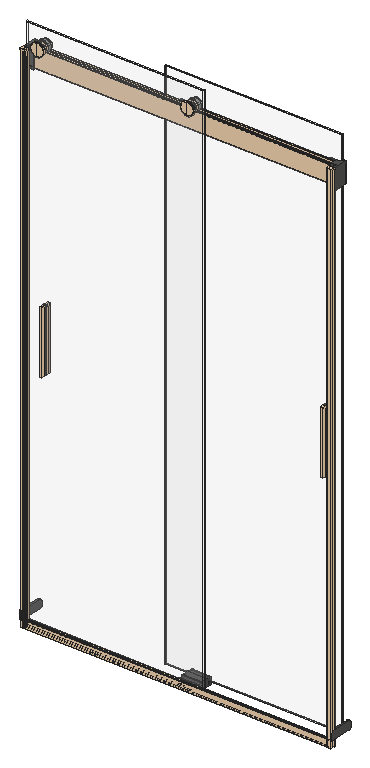
Revit family "Shower-Shower_Door-KOHLER-Levity-K-706375", category Specialty Equipment, host Face, Revit 2021
Family settings
  Host = Face
  Round Connector Dimension = Use Diameter
  Part Type = Normal
  OmniClass Number = 23.31.17.17
  OmniClass Title = Shower Enclosures
  Cut with Voids When Loaded = No
  Shared = No
  Room Calculation Point = No
Parameters (values of type "2MB-Vibrant Brushed Moderne Brass")
  Width [instance] = Walk Thru + 26.53543"  # 44.60575"
  WaterSense Certified = 1 = 0  # no
  Walk Thru [instance] = 18 9/128"
  URL = "https://www.us.kohler.com/us/"
  Type = 1
  Secondary Finish = Kohler-Glass-L-Crystal_Clear
  Product Page URL = "http://www.us.kohler.com/us/catalog/productDetails.jsp?productId=706375-L"
  Product Name = "Levity"  # constant formula
  Product Documentation Link = "https://www.us.kohler.com/webassets/kpna/catalog/pdf/en/K-706375-L_spec_US-CA_Kohler_en.pdf"
  Model = if(Type = 1, "K-706375-L-2MB", if(Type = 2, "K-706375-L-ABZ", if(Type = 3, "K-706375-L-BL", if(Type = 4, "K-706375-L-NX", if(Type = 5, "K-706375-L-SHP", "NA")))))  # "K-706375-L-2MB"
  Material = "Premium Metal Construction"  # constant formula
  Master Format 2014 Name = "Shower Doors"  # constant formula
  Master Format 2014 = "10 28 19.16"  # constant formula
  Manufacturer Address = "444 Highland Dr, Kohler, WI 53044"  # constant formula
  Manufacturer = "Kohler Co."  # constant formula
  Length = 3 119/256"  # constant formula
  Height = 77 143/256"  # constant formula
  Hardware Included = 1 = 1  # yes
  Finish = Kohler-Metal-2MB-Vibrant_Brushed_Moderne_Brass
  Environmental Product Declaration = ""
  Description = "Sliding shower door, 78inch H x 44-5/8 - 47-5/8inch W, with 5/16inch thick Crystal Clear glass"  # constant formula
  Default Elevation = 4"
  Declare Label = ""
  Date Modified = "09/07/2022"  # constant formula
  Date Created = "09/07/2022"  # constant formula
  Copyright = "Copyright Kohler Co."  # constant formula
  Contact Us = "https://www.us.kohler.com/us/static/contact.jsp"
  Assembly Code = "C1030200"
  ADA Compliant = 1 = 0  # no
Reference planes (in)
  plane 1 "Center (Front/Back)": y = 0
  plane 2: z = 0
  plane 3 "Center (Left/Right)": x = 0
  plane 4: x = 18.07031
  plane 5: x = -25.79637
  plane 6: x = 18.47922
  plane 7: x = 18.80937
  plane 8: x = 15.9318
  plane 9: x = 16.48645
  plane 10: x = -5.01355
  plane 11: x = -7.01355
  plane 12: y = 2.60043
  plane 13: y = -0.86442
  plane 14: x = -2
  plane 15: x = -25.50104
  plane 16: x = -23.5
  plane 17: z = 74.78077
  plane 18: z = 72.64599
  plane 19: z = 74.13386
  plane 20: z = 71.5748
  plane 21: x = -22.94536
  plane 22: z = 42.00787
  plane 23: z = 32.99213
  plane 24: z = 77.55859
Dimensions and locks (in)
  "Walk Thru": plane 4 to plane 3 "Center (Left/Right)"
  locked: plane 4 to plane 6 at 0.4089
  locked: plane 6 to plane 7 at 0.33016
  "Width": plane 7 to plane 5
  locked: plane 8 to plane 4 at 2.13851
  locked: plane 9 to plane 4 at 1.58387
  locked: plane 10 to plane 8 at 20.94536
  locked: plane 11 to plane 10 at 2
  "Length": plane 12 to plane 13
  locked: plane 5 to plane 15 at 0.29533
  "Height": plane 24 to level
  plane 23 to level = 32.99213"
  plane 22 to plane 23 = 9.01575"
  plane 20 to level = 71.5748"
  plane 19 to plane 20 = 2.55906"
  aligned and locked: plane 2 to host face
  aligned and locked: level to host face
  aligned and locked: plane 1 "Center (Front/Back)" to nested 1
  aligned and locked: plane 3 "Center (Left/Right)" to nested 1
  aligned and locked: plane 4 to nested 1
Automatic sketch dimensions
  host sketch curve to host sketch curve = 96"  (x2)
Nested families (in)
  nested 1: "K-706375" at (0, 0, 0), type "K-706375"
Definition of nested family "K-706375"
  Parameters (values of type "K-706375")
    Width = Walk Thru + 26.53543"  # 44.60575"
    Walk Thru = 18 9/128"
    Secondary Material = none
    Material = none
    Fixed Panel = 25.79637"
    Default Elevation = 0"
  Reference planes (in)
    plane 1 "Center (Front/Back)": y = 0
    plane 2: z = 0
    plane 3 "Center (Left/Right)": x = 0
    plane 4: x = 18.07031
    plane 5: x = 18.80937
    plane 6: x = -25.79637
    plane 7: z = 74.78077
    plane 8: z = 77.55906
    plane 9: z = 32.99213
    plane 10: z = 42.00787
    plane 11 "s1": x = -23.5
    plane 12: x = -25.50104
    plane 13: x = -22.94536
    plane 14 "s2": x = -2
    plane 15: z = 72.64599
    plane 16 "S3": x = -5.01355
    plane 17: x = -7.01355
    plane 18 "s4": x = 16.48645
    plane 19: x = 18.47922
    plane 20: x = 15.9318
    plane 21: z = 71.5748
    plane 22: z = 74.13386
    plane 23: y = 2.60043
    plane 24: y = -0.86414
    plane 25: y = 1.74077
  Forms (in)
    Extrusion 1, solid, material <- "Material", detail levels medium+fine
      sketch origin (0, 0.03056, 0) x (1, 0, 0) y (0, 1, 0)
        loop
          line (-25.79637, -0.77071) -> (-25.79637, -0.82591) -> (-25.59442, -0.82591) -> (-25.53201, -0.79547) -> (-25.46744, -0.82558) -> (-25.33155, -0.82558) -> (-25.27651, -0.79874)
          arc (-25.27651, -0.79874) -> (-25.2686, -0.78215) -> (-25.28299, -0.77071) r 0.01476
          line (-25.28299, -0.77071) -> (-25.46755, -0.77071) -> (-25.46755, -0.38286)
          arc (-25.46755, -0.38286) -> (-25.46099, -0.36703) -> (-25.44516, -0.36047) r 0.02239
          line (-25.44516, -0.36047) -> (-25.28285, -0.36047)
          arc (-25.28285, -0.36047) -> (-25.26811, -0.34863) -> (-25.27647, -0.33167) r 0.0151
          line (-25.27647, -0.33167) -> (-25.33269, -0.30546) -> (-25.46817, -0.30546) -> (-25.53152, -0.335) -> (-25.59487, -0.30546) -> (-25.79637, -0.30546) -> (-25.79637, -0.36047) -> (-25.61648, -0.36047)
          arc (-25.61648, -0.36047) -> (-25.60074, -0.36699) -> (-25.59422, -0.38273) r 0.02226
          line (-25.59422, -0.38273) -> (-25.59422, -0.7506)
          arc (-25.59422, -0.7506) -> (-25.60011, -0.76482) -> (-25.61433, -0.77071) r 0.02011
          line (-25.61433, -0.77071) -> (-25.79637, -0.77071)
        loop
          arc (-25.04421, -0.3604) -> (-25.07615, -0.28329) -> (-25.15326, -0.25135) r 0.10905
          line (-25.15326, -0.25135) -> (-25.72991, -0.25135) -> (-25.72991, -0.29812) -> (-25.14694, -0.29812)
          arc (-25.14694, -0.29812) -> (-25.1, -0.31756) -> (-25.08055, -0.3645) r 0.06638
          line (-25.08055, -0.3645) -> (-25.08055, -0.78161)
          arc (-25.08055, -0.78161) -> (-25.09659, -0.82033) -> (-25.1353, -0.83636) r 0.05475
          line (-25.1353, -0.83636) -> (-25.72991, -0.83636) -> (-25.72991, -0.8947) -> (-25.15327, -0.8947)
          arc (-25.15327, -0.8947) -> (-25.07615, -0.86276) -> (-25.04421, -0.78565) r 0.10906
          line (-25.04421, -0.78565) -> (-25.04421, -0.3604)
      from 0.07617 to 74.24275
    Extrusion 2, solid, material <- "Material", detail levels medium+fine
      sketch origin (0, 0, 0) x (1, 0, 0) y (0, 1, 0)
        loop
          line (-25.79637, -0.22079) -> (-25.79637, -0.86414) -> (-25.15327, -0.86414)
          arc (-25.15327, -0.86414) -> (-25.07615, -0.8322) -> (-25.04421, -0.75509) r 0.10906
          line (-25.04421, -0.75509) -> (-25.04421, -0.32984)
          arc (-25.04421, -0.32984) -> (-25.07615, -0.25273) -> (-25.15326, -0.22079) r 0.10905
          line (-25.15326, -0.22079) -> (-25.79637, -0.22079)
      from 74.24275 to 74.32845
    Revolve 3, solid, material <- "Material"
      sketch origin (-23.5, 0, 0) x (0, 0, -1) y (0, -1, 0)
        loop
          line (-74.78077, 0.65678) -> (-75.6749, 0.65678) -> (-75.71643, 0.61525) -> (-75.71643, 0.48926) -> (-75.67675, 0.44957) -> (-75.43988, 0.44957) -> (-75.43988, 0.15652) -> (-74.87385, 0.15652) -> (-74.87385, -0.156) -> (-75.49161, -0.156) -> (-75.49161, -0.35633) -> (-75.32823, -0.35633) -> (-75.32823, -0.48179) -> (-75.52507, -0.48179)
          arc (-75.52507, -0.48179) -> (-75.59472, -0.66967) -> (-75.52507, -0.85754) r 0.28822
          line (-75.52507, -0.85754) -> (-75.49052, -0.85754) -> (-75.49052, -1.14013) -> (-75.45741, -1.171)
          arc (-75.45741, -1.171) -> (-75.44399, -1.17947) -> (-75.42839, -1.18243) r 0.04256
          line (-75.42839, -1.18243) -> (-74.78077, -1.18243) -> (-74.78077, 0.65678)
        axis (-74.78077, -1.18243) -> (-74.78077, 0.65678)
      angle from 0 to 360
    Extrusion 4, solid
      sketch origin (0, 0, 0) x (1, 0, 0) y (0, 1, 0)
        loop
          line (-25.79637, 1.80573) -> (-25.79637, -0.22079) -> (-25.5278, -0.22079)
          arc (-25.5278, -0.22079) -> (-25.50888, -0.21295) -> (-25.50104, -0.19403) r 0.02676
          line (-25.50104, -0.19403) -> (-25.50104, 0.27823)
          arc (-25.50104, 0.27823) -> (-25.49381, 0.29589) -> (-25.47628, 0.30342) r 0.0252
          line (-25.47628, 0.30342) -> (-24.83064, 0.31469)
          arc (-24.83064, 0.31469) -> (-24.81311, 0.32222) -> (-24.80588, 0.33988) r 0.0252
          line (-24.80588, 0.33988) -> (-24.80588, 1.4154)
          arc (-24.80588, 1.4154) -> (-24.81311, 1.43308) -> (-24.83066, 1.44062) r 0.02522
          line (-24.83066, 1.44062) -> (-25.48035, 1.45196)
          arc (-25.48035, 1.45196) -> (-25.495, 1.45825) -> (-25.50104, 1.47301) r 0.02106
          line (-25.50104, 1.47301) -> (-25.50104, 1.80213)
          arc (-25.50104, 1.80213) -> (-25.50695, 1.81661) -> (-25.52131, 1.82281) r 0.02069
          line (-25.52131, 1.82281) -> (-25.77421, 1.82789)
          arc (-25.77421, 1.82789) -> (-25.78988, 1.8214) -> (-25.79637, 1.80573) r 0.02216
      from 74.32845 to 71.35066
    Extrusion 5, solid
      sketch origin (-23.5, 0, 0) x (0, 0, -1) y (0, -1, 0)
        loop
          line (-2.13356, 0.83114) -> (-2.13356, -2.35056)
          arc (-2.13356, -2.35056) -> (-2.06038, -2.52724) -> (-1.88369, -2.60043) r 0.24987
          line (-1.88369, -2.60043) -> (-1.30967, -2.60043)
          arc (-1.30967, -2.60043) -> (-1.13289, -2.5272) -> (-1.05967, -2.35043) r 0.25
          line (-1.05967, -2.35043) -> (-1.05967, 0.83114) -> (-2.13356, 0.83114)
      from 2.00104 to 2.29637
    Extrusion 6, solid, material <- "Material", detail levels medium+fine
      sketch origin (-23.5, 0, 0) x (0, 0, -1) y (0, -1, 0)
        loop
          line (0, 0.08606) -> (0, 0.52344)
          arc (0, 0.52344) -> (-0.01049, 0.54072) -> (-0.03065, 0.53939) r 0.01948
          arc (-0.03065, 0.53939) -> (-0.04709, 0.5355) -> (-0.06098, 0.5451) r 0.02077
          arc (-0.06098, 0.5451) -> (-0.07477, 0.565) -> (-0.09076, 0.58318) r 0.20858
          arc (-0.09076, 0.58318) -> (-0.07545, 0.59928) -> (-0.06217, 0.6171) r 0.18512
          arc (-0.06217, 0.6171) -> (-0.08148, 0.67061) -> (-0.09283, 0.72636) r 0.39209
          arc (-0.09283, 0.72636) -> (-0.07014, 0.73553) -> (-0.05008, 0.72149) r 0.02565
          arc (-0.05008, 0.72149) -> (-0.04156, 0.70836) -> (-0.03031, 0.69747) r 0.06947
          arc (-0.03031, 0.69747) -> (-0.01051, 0.69549) -> (0, 0.71238) r 0.01882
          line (0, 0.71238) -> (0, 0.77601) -> (-0.99567, 0.77601)
          arc (-0.99567, 0.77601) -> (-1.03166, 0.7611) -> (-1.04657, 0.72511) r 0.0509
          line (-1.04657, 0.72511) -> (-1.04657, 0.42612)
          arc (-1.04657, 0.42612) -> (-1.03528, 0.39442) -> (-1.00649, 0.37699) r 0.05015
          arc (-1.00649, 0.37699) -> (-0.99048, 0.38093) -> (-0.98341, 0.39582) r 0.01922
          line (-0.98341, 0.39582) -> (-0.98341, 0.54145)
          arc (-0.98341, 0.54145) -> (-0.9381, 0.58677) -> (-0.89278, 0.54145) r 0.04531
          line (-0.89278, 0.54145) -> (-0.89278, 0.40813)
          arc (-0.89278, 0.40813) -> (-0.88398, 0.3875) -> (-0.86299, 0.37959) r 0.02857
          line (-0.86299, 0.37959) -> (-0.30194, 0.40364)
          arc (-0.30194, 0.40364) -> (-0.27381, 0.42223) -> (-0.27702, 0.4558) r 0.03273
          arc (-0.27702, 0.4558) -> (-0.29705, 0.47169) -> (-0.32235, 0.47535) r 0.04907
          arc (-0.32235, 0.47535) -> (-0.38253, 0.52555) -> (-0.3288, 0.58261) r 0.05382
          line (-0.3288, 0.58261) -> (-0.22838, 0.58261)
          arc (-0.22838, 0.58261) -> (-0.12075, 0.53802) -> (-0.07617, 0.43039) r 0.15221
          line (-0.07617, 0.43039) -> (-0.07617, 0.10741)
          arc (-0.07617, 0.10741) -> (-0.06991, 0.09231) -> (-0.05481, 0.08606) r 0.02136
          line (-0.05481, 0.08606) -> (0, 0.08606)
        loop
          line (-0.99524, 0.72571) -> (-0.99524, 0.65316)
          arc (-0.99524, 0.65316) -> (-0.9867, 0.63632) -> (-0.96807, 0.63325) r 0.02088
          arc (-0.96807, 0.63325) -> (-0.88988, 0.62125) -> (-0.85186, 0.55187) r 0.08936
          line (-0.85186, 0.55187) -> (-0.84805, 0.46295)
          arc (-0.84805, 0.46295) -> (-0.837, 0.43922) -> (-0.81242, 0.43025) r 0.03419
          line (-0.81242, 0.43025) -> (-0.43167, 0.44657)
          arc (-0.43167, 0.44657) -> (-0.41627, 0.45629) -> (-0.41686, 0.47449) r 0.01832
          arc (-0.41686, 0.47449) -> (-0.41912, 0.5794) -> (-0.32862, 0.63252) r 0.10365
          line (-0.32862, 0.63252) -> (-0.14995, 0.63252)
          arc (-0.14995, 0.63252) -> (-0.13434, 0.64021) -> (-0.13094, 0.65726) r 0.01967
          arc (-0.13094, 0.65726) -> (-0.13678, 0.68123) -> (-0.1416, 0.70542) r 0.5764
          arc (-0.1416, 0.70542) -> (-0.15, 0.71996) -> (-0.16579, 0.72571) r 0.02457
          line (-0.16579, 0.72571) -> (-0.99524, 0.72571)
      from -41.97922 to 2.00104
    Extrusion 7, solid, material <- "Material", detail levels medium+fine
      sketch origin (-23.5, 0, 0) x (0, 0, -1) y (0, -1, 0)
        loop
          line (-73.81799, -1.19785) -> (-73.80144, -1.00859) -> (-74.13386, -1.00859) -> (-74.13386, -1.34403) -> (-73.64043, -1.34403) -> (-73.64043, -0.79733) -> (-73.73284, -0.79733) -> (-73.73284, -0.69922) -> (-71.73684, -0.69922)
          arc (-71.73684, -0.69922) -> (-71.69219, -0.71772) -> (-71.67369, -0.76237) r 0.06315
          line (-71.67369, -0.76237) -> (-71.67369, -1.03838) -> (-71.74719, -1.03838) -> (-71.82588, -0.86961) -> (-71.8754, -0.86961)
          arc (-71.8754, -0.86961) -> (-71.88929, -0.87732) -> (-71.89012, -0.89318) r 0.01638
          line (-71.89012, -0.89318) -> (-71.80406, -1.06964) -> (-71.9001, -1.27561) -> (-71.9737, -1.27561)
          arc (-71.9737, -1.27561) -> (-71.94576, -1.32245) -> (-71.89442, -1.34086) r 0.08078
          line (-71.89442, -1.34086) -> (-71.61737, -1.34086)
          arc (-71.61737, -1.34086) -> (-71.58727, -1.32839) -> (-71.5748, -1.2983) r 0.04256
          line (-71.5748, -1.2983) -> (-71.5748, -0.42535)
          arc (-71.5748, -0.42535) -> (-71.5819, -0.4082) -> (-71.59904, -0.4011) r 0.02424
          line (-71.59904, -0.4011) -> (-74.11423, -0.4011)
          arc (-74.11423, -0.4011) -> (-74.12811, -0.40685) -> (-74.13386, -0.42073) r 0.01963
          line (-74.13386, -0.42073) -> (-74.13386, -0.46738) -> (-74.05507, -0.46738)
          arc (-74.05507, -0.46738) -> (-74.03644, -0.47281) -> (-74.02365, -0.4874) r 0.03466
          line (-74.02365, -0.4874) -> (-73.9527, -0.63956)
          arc (-73.9527, -0.63956) -> (-73.946, -0.66977) -> (-73.9527, -0.69999) r 0.07149
          line (-73.9527, -0.69999) -> (-74.02142, -0.84737)
          arc (-74.02142, -0.84737) -> (-74.02034, -0.86391) -> (-74.00581, -0.87188) r 0.01723
          line (-74.00581, -0.87188) -> (-73.95961, -0.87188) -> (-73.89039, -0.72344) -> (-73.83122, -0.72344) -> (-73.83122, -0.83818)
          arc (-73.83122, -0.83818) -> (-73.80137, -0.90275) -> (-73.73284, -0.92184) r 0.08476
          line (-73.73284, -0.92184) -> (-73.73284, -1.25557)
          arc (-73.73284, -1.25557) -> (-73.73927, -1.27111) -> (-73.75481, -1.27754) r 0.02198
          line (-73.75481, -1.27754) -> (-74.08364, -1.27754) -> (-74.08364, -1.13682)
          arc (-74.08364, -1.13682) -> (-74.07642, -1.1194) -> (-74.059, -1.11219) r 0.02463
          line (-74.059, -1.11219) -> (-74.02117, -1.11219)
          arc (-74.02117, -1.11219) -> (-74.00503, -1.11929) -> (-73.99936, -1.13599) r 0.02189
          line (-73.99936, -1.13599) -> (-74.00326, -1.18052)
          arc (-74.00326, -1.18052) -> (-73.97112, -1.21267) -> (-73.93897, -1.18052) r 0.03214
          line (-73.93897, -1.18052) -> (-73.93897, -1.07762)
          arc (-73.93897, -1.07762) -> (-73.92135, -1.06305) -> (-73.91035, -1.0831) r 0.01484
          line (-73.91035, -1.0831) -> (-73.9203, -1.1969)
          arc (-73.9203, -1.1969) -> (-73.91468, -1.21347) -> (-73.89867, -1.22051) r 0.02172
          line (-73.89867, -1.22051) -> (-73.84273, -1.22051)
          arc (-73.84273, -1.22051) -> (-73.82596, -1.21399) -> (-73.81799, -1.19785) r 0.02483
        loop
          line (-73.87179, -0.62309) -> (-71.65435, -0.62309) -> (-71.65435, -0.48081) -> (-73.90387, -0.48081)
          arc (-73.90387, -0.48081) -> (-73.92228, -0.49091) -> (-73.92365, -0.51187) r 0.02183
          line (-73.92365, -0.51187) -> (-73.87179, -0.62309)
      from -41.97922 to 2.00104
    Extrusion 8, solid, material <- "Secondary Material"
      sketch origin (0, 0, 0) x (1, 0, 0) y (0, 1, 0)
        loop
          line (-0.10945, 0.156) -> (-25.39168, 0.156)
          arc (-25.39168, 0.156) -> (-25.46901, 0.12397) -> (-25.50104, 0.04664) r 0.10936
          line (-25.50104, 0.04664) -> (-25.50104, -0.04655)
          arc (-25.50104, -0.04655) -> (-25.46898, -0.12394) -> (-25.39159, -0.156) r 0.10945
          line (-25.39159, -0.156) -> (-0.10945, -0.156)
          arc (-0.10945, -0.156) -> (-0.03206, -0.12394) -> (0, -0.04655) r 0.10945
          line (0, -0.04655) -> (0, 0.04655)
          arc (0, 0.04655) -> (-0.03206, 0.12394) -> (-0.10945, 0.156) r 0.10945
      from 0.67069 to 77.55906
    Revolve 9, solid, material <- "Material"
      sketch origin (-2, 0, 0) x (0, 0, -1) y (0, -1, 0)
        loop
          line (-74.78077, 0.65678) -> (-75.6749, 0.65678) -> (-75.71643, 0.61525) -> (-75.71643, 0.48926) -> (-75.67675, 0.44957) -> (-75.43988, 0.44957) -> (-75.43988, 0.15652) -> (-74.87385, 0.15652) -> (-74.87385, -0.156) -> (-75.49161, -0.156) -> (-75.49161, -0.35633) -> (-75.32823, -0.35633) -> (-75.32823, -0.48179) -> (-75.52507, -0.48179)
          arc (-75.52507, -0.48179) -> (-75.59472, -0.66967) -> (-75.52507, -0.85754) r 0.28822
          line (-75.52507, -0.85754) -> (-75.49052, -0.85754) -> (-75.49052, -1.14013) -> (-75.45741, -1.171)
          arc (-75.45741, -1.171) -> (-75.44399, -1.17947) -> (-75.42839, -1.18243) r 0.04256
          line (-75.42839, -1.18243) -> (-74.78077, -1.18243) -> (-74.78077, 0.65678)
        axis (-74.78077, -1.18243) -> (-74.78077, 0.65678)
      angle from 0 to 360
    Extrusion 10, solid, material <- "Material"
      sketch origin (0, 0, 0) x (1, 0, 0) y (0, 0, 1)
        loop
          line (-23.13286, 42.00787) -> (-23.13286, 32.99213) -> (-22.75786, 32.99213) -> (-22.75786, 42.00787) -> (-23.13286, 42.00787)
      from 0.156 to 0.176
    Extrusion 11, solid, material <- "Material"
      sketch origin (0, 0, 0) x (1, 0, 0) y (0, 0, -1)
        loop
          line (-23.13286, -42.00787) -> (-22.75786, -42.00787) -> (-22.75786, -32.99213) -> (-23.13286, -32.99213) -> (-23.13286, -42.00787)
      from 0.156 to 0.176
    Extrusion 12, solid, material <- "Material", detail levels medium+fine
      sketch origin (0, 0, 0) x (1, 0, 0) y (0, 1, 0)
        loop
          arc (-23.11174, -0.176) -> (-23.1273, -0.18301) -> (-23.13236, -0.1993) r 0.02077
          line (-23.13236, -0.1993) -> (-23.07702, -0.64998)
          arc (-23.07702, -0.64998) -> (-23.06714, -0.66876) -> (-23.0473, -0.67628) r 0.02995
          line (-23.0473, -0.67628) -> (-22.84338, -0.67628)
          arc (-22.84338, -0.67628) -> (-22.82355, -0.66876) -> (-22.81368, -0.65) r 0.02992
          line (-22.81368, -0.65) -> (-22.75836, -0.19941)
          arc (-22.75836, -0.19941) -> (-22.76344, -0.18304) -> (-22.77907, -0.176) r 0.02087
          line (-22.77907, -0.176) -> (-23.11174, -0.176)
        loop
          line (-23.11174, 0.176) -> (-22.77907, 0.176)
          arc (-22.77907, 0.176) -> (-22.76344, 0.18304) -> (-22.75836, 0.19941) r 0.02087
          line (-22.75836, 0.19941) -> (-22.81368, 0.65)
          arc (-22.81368, 0.65) -> (-22.82355, 0.66876) -> (-22.84338, 0.67628) r 0.02992
          line (-22.84338, 0.67628) -> (-23.0473, 0.67628)
          arc (-23.0473, 0.67628) -> (-23.06714, 0.66876) -> (-23.07702, 0.64998) r 0.02995
          line (-23.07702, 0.64998) -> (-23.13236, 0.1993)
          arc (-23.13236, 0.1993) -> (-23.1273, 0.18301) -> (-23.11174, 0.176) r 0.02077
      from 32.99213 to 42.00787
    Extrusion 13, solid
      sketch origin (0, 0, 0) x (0, 1, 0) y (0, 0, 1)
        loop
          line (2.21768, 0) -> (2.16316, 1.04035)
          arc (2.16316, 1.04035) -> (2.15494, 1.05817) -> (2.13671, 1.06544) r 0.02648
          line (2.13671, 1.06544) -> (2.01159, 1.06544)
          arc (2.01159, 1.06544) -> (1.9931, 1.05788) -> (1.98522, 1.03952) r 0.02638
          line (1.98522, 1.03952) -> (1.97092, 0.22045)
          arc (1.97092, 0.22045) -> (1.94644, 0.16347) -> (1.88904, 0.13999) r 0.0819
          line (1.88904, 0.13999) -> (1.69478, 0.13999)
          arc (1.69478, 0.13999) -> (1.6368, 0.16312) -> (1.61067, 0.2198) r 0.08422
          line (1.61067, 0.2198) -> (1.5682, 1.03007)
          arc (1.5682, 1.03007) -> (1.56166, 1.04427) -> (1.54714, 1.05006) r 0.02109
          line (1.54714, 1.05006) -> (1.49801, 1.05006)
          arc (1.49801, 1.05006) -> (1.48611, 1.06054) -> (1.4707, 1.06432) r 0.03329
          line (1.4707, 1.06432) -> (0.53129, 1.06432)
          arc (0.53129, 1.06432) -> (0.51193, 1.06095) -> (0.49483, 1.05125) r 0.05738
          line (0.49483, 1.05125) -> (0.44457, 1.05125) -> (0.40081, 0.21622)
          arc (0.40081, 0.21622) -> (0.37545, 0.16122) -> (0.3192, 0.13878) r 0.08172
          line (0.3192, 0.13878) -> (0.12893, 0.13878)
          arc (0.12893, 0.13878) -> (0.06604, 0.16451) -> (0.03921, 0.22694) r 0.08973
          line (0.03921, 0.22694) -> (0.02805, 0.86675)
          arc (0.02805, 0.86675) -> (0.02149, 0.88201) -> (0.00612, 0.8883) r 0.02193
          line (0.00612, 0.8883) -> (-0.34238, 0.8883)
          arc (-0.34238, 0.8883) -> (-0.36649, 0.87838) -> (-0.37665, 0.85437) r 0.03427
          line (-0.37665, 0.85437) -> (-0.38235, 0.29611)
          arc (-0.38235, 0.29611) -> (-0.43615, 0.26827) -> (-0.476, 0.31388) r 0.04907
          arc (-0.476, 0.31388) -> (-0.50292, 0.34014) -> (-0.53127, 0.31543) r 0.02774
          arc (-0.53127, 0.31543) -> (-0.50624, 0.20759) -> (-0.40644, 0.15967) r 0.1279
          line (-0.40644, 0.15967) -> (-0.09772, 0.15967)
          arc (-0.09772, 0.15967) -> (-0.07521, 0.15035) -> (-0.06589, 0.12785) r 0.03183
          line (-0.06589, 0.12785) -> (-0.06589, 0.0926)
          arc (-0.06589, 0.0926) -> (-0.05277, 0.05756) -> (-0.01985, 0.03976) r 0.05334
          arc (-0.01985, 0.03976) -> (0.26839, 0.00995) -> (0.55799, 0) r 4.2189
          line (0.55799, 0) -> (2.21768, 0)
      from -3.63208 to -0.85955
    Revolve 14, solid, material <- "Material"
      sketch origin (-5.01355, 0, 0) x (0, 1, 0) y (0, 0, 1)
        loop
          line (2.39994, 72.64599) -> (2.39994, 73.54013) -> (2.35841, 73.58166) -> (2.23242, 73.58166) -> (2.19273, 73.54197) -> (2.19273, 73.30511) -> (1.897, 73.30511) -> (1.897, 72.73907) -> (1.58486, 72.73907) -> (1.58486, 73.35683) -> (1.38684, 73.35683) -> (1.38684, 73.19346) -> (1.26137, 73.19346) -> (1.26137, 73.3903)
          arc (1.26137, 73.3903) -> (1.0735, 73.45994) -> (0.88562, 73.3903) r 0.28822
          line (0.88562, 73.3903) -> (0.88562, 73.35575) -> (0.60304, 73.35575) -> (0.57217, 73.32264)
          arc (0.57217, 73.32264) -> (0.56369, 73.30921) -> (0.56073, 73.29362) r 0.04256
          line (0.56073, 73.29362) -> (0.56073, 72.64599) -> (2.39994, 72.64599)
        axis (0.56073, 72.64599) -> (2.39994, 72.64599)
      angle from 0 to 360
    Revolve 15, solid, material <- "Material"
      sketch origin (16.48645, 0, 0) x (0, 1, 0) y (0, 0, 1)
        loop
          line (2.39994, 72.64599) -> (2.39994, 73.54013) -> (2.35841, 73.58166) -> (2.23242, 73.58166) -> (2.19273, 73.54197) -> (2.19273, 73.30511) -> (1.89699, 73.30511) -> (1.89699, 72.73907) -> (1.58486, 72.73907) -> (1.58486, 73.35683) -> (1.38684, 73.35683) -> (1.38684, 73.19346) -> (1.26137, 73.19346) -> (1.26137, 73.3903)
          arc (1.26137, 73.3903) -> (1.0735, 73.45994) -> (0.88562, 73.3903) r 0.28822
          line (0.88562, 73.3903) -> (0.88562, 73.35575) -> (0.60304, 73.35575) -> (0.57217, 73.32264)
          arc (0.57217, 73.32264) -> (0.56369, 73.30921) -> (0.56073, 73.29362) r 0.04256
          line (0.56073, 73.29362) -> (0.56073, 72.64599) -> (2.39994, 72.64599)
        axis (0.56073, 72.64599) -> (2.39994, 72.64599)
      angle from 0 to 360
    Extrusion 16, solid, material <- "Secondary Material"
      sketch origin (0, 0, 0) x (1, 0, 0) y (0, 1, 0)
        loop
          line (-7.01355, 1.78449) -> (-7.01355, 1.69706)
          arc (-7.01355, 1.69706) -> (-6.98069, 1.61771) -> (-6.90135, 1.58485) r 0.1122
          line (-6.90135, 1.58485) -> (18.36701, 1.58485)
          arc (18.36701, 1.58485) -> (18.44635, 1.61771) -> (18.47922, 1.69706) r 0.1122
          line (18.47922, 1.69706) -> (18.47922, 1.78465)
          arc (18.47922, 1.78465) -> (18.44635, 1.86399) -> (18.36701, 1.89685) r 0.1122
          line (18.36701, 1.89685) -> (-6.90119, 1.89685)
          arc (-6.90119, 1.89685) -> (-6.98064, 1.86394) -> (-7.01355, 1.78449) r 0.11236
      from 0.67069 to 77.55906
    Extrusion 17, solid, material <- "Material"
      sketch origin (0, 0, 0) x (1, 0, 0) y (0, 1, 0)
        loop
          line (18.07031, -0.33981) -> (18.07031, -0.77438)
          arc (18.07031, -0.77438) -> (18.0966, -0.83785) -> (18.16008, -0.86414) r 0.08976
          line (18.16008, -0.86414) -> (18.80937, -0.86414) -> (18.80937, -0.7854) -> (18.13184, -0.7854) -> (18.13184, -0.31019) -> (18.80937, -0.31019) -> (18.80937, -0.2499) -> (18.16022, -0.2499)
          arc (18.16022, -0.2499) -> (18.09665, -0.27623) -> (18.07031, -0.33981) r 0.08991
      from 0.07617 to 74.24658
    Extrusion 18, solid, material <- "Material"
      sketch origin (0, 0, 0) x (1, 0, 0) y (0, 1, 0)
        loop
          line (18.80937, -0.2499) -> (18.16022, -0.2499)
          arc (18.16022, -0.2499) -> (18.09665, -0.27623) -> (18.07031, -0.33981) r 0.08991
          line (18.07031, -0.33981) -> (18.07031, -0.77438)
          arc (18.07031, -0.77438) -> (18.0966, -0.83785) -> (18.16008, -0.86414) r 0.08976
          line (18.16008, -0.86414) -> (18.80937, -0.86414) -> (18.80937, -0.2499)
      from 74.32845 to 74.24658
    Extrusion 19, solid
      sketch origin (0, 0, 0) x (1, 0, 0) y (0, 1, 0)
        loop
          arc (18.80937, 1.79546) -> (18.80082, 1.81592) -> (18.78026, 1.8242) r 0.02874
          line (18.78026, 1.8242) -> (18.50758, 1.82065)
          arc (18.50758, 1.82065) -> (18.4875, 1.8121) -> (18.47922, 1.79191) r 0.02874
          line (18.47922, 1.79191) -> (18.47922, 1.49455)
          arc (18.47922, 1.49455) -> (18.46592, 1.46206) -> (18.43367, 1.4482) r 0.04635
          line (18.43367, 1.4482) -> (17.82763, 1.43762)
          arc (17.82763, 1.43762) -> (17.81265, 1.43119) -> (17.80647, 1.41609) r 0.02153
          line (17.80647, 1.41609) -> (17.80647, 0.33942)
          arc (17.80647, 0.33942) -> (17.81471, 0.31928) -> (17.83471, 0.31069) r 0.02874
          line (17.83471, 0.31069) -> (18.45098, 0.29993)
          arc (18.45098, 0.29993) -> (18.47097, 0.29134) -> (18.47922, 0.27119) r 0.02874
          line (18.47922, 0.27119) -> (18.47922, -0.19341)
          arc (18.47922, -0.19341) -> (18.48763, -0.21373) -> (18.50796, -0.22215) r 0.02874
          line (18.50796, -0.22215) -> (18.78079, -0.22215)
          arc (18.78079, -0.22215) -> (18.801, -0.21377) -> (18.80937, -0.19356) r 0.02858
          line (18.80937, -0.19356) -> (18.80937, 1.79546)
      from 74.32845 to 71.35066
    Extrusion 20, solid
      sketch origin (-23.5, 0.08511, 0) x (0, 0, -1) y (0, -1, 0)
        loop
          line (-2.13356, 0.91625) -> (-2.13356, -2.26545)
          arc (-2.13356, -2.26545) -> (-2.06038, -2.44213) -> (-1.88369, -2.51532) r 0.24987
          line (-1.88369, -2.51532) -> (-1.30967, -2.51532)
          arc (-1.30967, -2.51532) -> (-1.13289, -2.44209) -> (-1.05967, -2.26532) r 0.25
          line (-1.05967, -2.26532) -> (-1.05967, 0.91625) -> (-2.13356, 0.91625)
      from -41.97922 to -42.30937
    Extrusion 21, solid, material <- "Material", detail levels medium+fine
      sketch origin (0, 0, 0) x (1, 0, 0) y (0, 0, 1)
        loop
          line (15.7443, 42.00787) -> (15.7443, 32.99213) -> (16.1193, 32.99213) -> (16.1193, 42.00787) -> (15.7443, 42.00787)
      from -1.58486 to -1.56485
    Extrusion 22, solid, material <- "Material", detail levels medium+fine
      sketch origin (0, 3.48155, 0) x (1, 0, 0) y (0, 0, -1)
        loop
          line (15.7443, -42.00787) -> (16.1193, -42.00787) -> (16.1193, -32.99213) -> (15.7443, -32.99213) -> (15.7443, -42.00787)
      from -1.58486 to -1.56485
    Extrusion 23, solid, material <- "Material", detail levels medium+fine
      sketch origin (0, 0, 0) x (1, 0, 0) y (0, 1, 0)
        loop
          line (15.76547, 1.9167) -> (16.09814, 1.9167)
          arc (16.09814, 1.9167) -> (16.11377, 1.92373) -> (16.11885, 1.9401) r 0.02087
          line (16.11885, 1.9401) -> (16.06352, 2.3907)
          arc (16.06352, 2.3907) -> (16.05365, 2.40946) -> (16.03383, 2.41697) r 0.02992
          line (16.03383, 2.41697) -> (15.82991, 2.41697)
          arc (15.82991, 2.41697) -> (15.81007, 2.40945) -> (15.80019, 2.39067) r 0.02995
          line (15.80019, 2.39067) -> (15.74485, 1.94)
          arc (15.74485, 1.94) -> (15.74991, 1.9237) -> (15.76547, 1.9167) r 0.02077
        loop
          arc (15.76547, 1.56485) -> (15.74991, 1.55784) -> (15.74485, 1.54155) r 0.02077
          line (15.74485, 1.54155) -> (15.80019, 1.09087)
          arc (15.80019, 1.09087) -> (15.81007, 1.07209) -> (15.82991, 1.06458) r 0.02995
          line (15.82991, 1.06458) -> (16.03383, 1.06458)
          arc (16.03383, 1.06458) -> (16.05365, 1.07209) -> (16.06352, 1.09085) r 0.02992
          line (16.06352, 1.09085) -> (16.11885, 1.54144)
          arc (16.11885, 1.54144) -> (16.11377, 1.55781) -> (16.09814, 1.56485) r 0.02087
          line (16.09814, 1.56485) -> (15.76547, 1.56485)
      from 32.99213 to 42.00787
    Extrusion 24, solid, material <- "Material", detail levels coarse
      sketch origin (-5.01355, 0, 0) x (0, 1, 0) y (0, 0, 1)
        loop
          line (-0.37651, 1.04196) -> (-0.77601, 1.04196) -> (-0.77601, 0) -> (-0.08298, 0) -> (-0.08298, 0.07617) -> (-0.37651, 0.07617) -> (-0.37651, 1.04196)
      from -20.48749 to 23.49277
    Extrusion 25, solid, material <- "Material", detail levels coarse
      sketch origin (0, 0, 0) x (1, 0, 0) y (0, 1, 0)
        loop
          line (-25.79637, -0.22079) -> (-25.79637, -0.86414) -> (-25.04421, -0.86414) -> (-25.04421, -0.22079) -> (-25.79637, -0.22079)
      from 0.07617 to 74.32845
    Extrusion 26, solid, material <- "Material", detail levels coarse
      sketch origin (-5.01355, 0, 0) x (0, 1, 0) y (0, 0, 1)
        loop
          line (0.4011, 74.13386) -> (0.4011, 71.5748) -> (1.34403, 71.5748) -> (1.34403, 74.13386) -> (0.4011, 74.13386)
      from -20.48749 to 23.49277
    Extrusion 27, solid, material <- "Material", detail levels coarse
      sketch origin (0, 0, 0) x (1, 0, 0) y (0, 1, 0)
        loop
          line (-23.13286, -0.67628) -> (-22.75754, -0.67628) -> (-22.75754, -0.176) -> (-23.13286, -0.176) -> (-23.13286, -0.67628)
        loop
          line (-23.13286, 0.67628) -> (-23.13286, 0.176) -> (-22.75754, 0.176) -> (-22.75754, 0.67628) -> (-23.13286, 0.67628)
      from 32.99213 to 42.00787
    Extrusion 28, solid, material <- "Material", detail levels coarse
      sketch origin (0, 0, 0) x (1, 0, 0) y (0, 1, 0)
        loop
          line (16.1193, 2.41697) -> (15.7443, 2.41697) -> (15.7443, 1.89685) -> (16.1193, 1.89685) -> (16.1193, 2.41697)
        loop
          line (16.1193, 1.06458) -> (16.1193, 1.5847) -> (15.7443, 1.5847) -> (15.7443, 1.06458) -> (16.1193, 1.06458)
      from 42.00787 to 32.99213
  Cuts and joins
    joined: Extrusion 1, Extrusion 2
    joined: Extrusion 17, Extrusion 18
  Lines and regions (in)
    Masking region 1
      outline origin (0, 0, 0) x (1, 0, 0) y (0, 0, 1)
        loop
          line (-25.50104, 77.55906) -> (-25.50104, 74.32845) -> (-25.79637, 74.32845) -> (-25.79637, 0.07994) -> (-25.50104, 0.07994) -> (-25.50104, 0) -> (18.47922, 0) -> (18.47922, 0.07941) -> (18.80937, 0.07941) -> (18.80937, 74.34197) -> (18.47922, 74.34197) -> (18.47922, 77.55906) -> (-25.50104, 77.55906)
    Masking region 2
      outline origin (-5.01355, 0, 0) x (0, 1, 0) y (0, 0, 1)
        loop
          line (1.89685, 77.55906) -> (1.58485, 77.55906) -> (1.58485, 74.32845) -> (1.18235, 74.32845) -> (1.18235, 75.42684)
          arc (1.18235, 75.42684) -> (1.1791, 75.44396) -> (1.16981, 75.45869) r 0.0467
          line (1.16981, 75.45869) -> (1.14013, 75.49052) -> (0.85754, 75.49052) -> (0.85754, 75.52507)
          arc (0.85754, 75.52507) -> (0.66967, 75.59521) -> (0.48179, 75.52507) r 0.28669
          line (0.48179, 75.52507) -> (0.48179, 75.32823) -> (0.35633, 75.32823) -> (0.35633, 75.49161) -> (0.156, 75.49161) -> (0.156, 77.55906) -> (-0.156, 77.55906) -> (-0.156, 75.43988) -> (-0.44957, 75.43988) -> (-0.44957, 75.67675) -> (-0.48926, 75.71643) -> (-0.61525, 75.71643) -> (-0.65678, 75.6749) -> (-0.65678, 74.32845) -> (-0.86414, 74.32845) -> (-0.86414, 0.07617) -> (-0.77601, 0.07617) -> (-0.77601, 0) -> (-0.71238, 0)
          arc (-0.71238, 0) -> (-0.69549, 0.01051) -> (-0.69747, 0.03031) r 0.01882
          arc (-0.69747, 0.03031) -> (-0.71356, 0.0474) -> (-0.73269, 0.06098) r 0.11878
          arc (-0.73269, 0.06098) -> (-0.70851, 0.06992) -> (-0.68351, 0.07617) r 0.236
          line (-0.68351, 0.07617) -> (-0.59428, 0.07617)
          arc (-0.59428, 0.07617) -> (-0.56927, 0.06992) -> (-0.5451, 0.06098) r 0.236
          arc (-0.5451, 0.06098) -> (-0.5355, 0.04709) -> (-0.53939, 0.03065) r 0.02077
          arc (-0.53939, 0.03065) -> (-0.54072, 0.01049) -> (-0.52344, 0) r 0.01948
          line (-0.52344, 0) -> (-0.08606, 0) -> (-0.08606, 0.05481)
          arc (-0.08606, 0.05481) -> (-0.09231, 0.06991) -> (-0.10741, 0.07617) r 0.02136
          line (-0.10741, 0.07617) -> (-0.22079, 0.07617) -> (-0.22079, 0.15967) -> (-0.09772, 0.15967)
          arc (-0.09772, 0.15967) -> (-0.07521, 0.15035) -> (-0.06589, 0.12785) r 0.03183
          line (-0.06589, 0.12785) -> (-0.06589, 0.0926)
          arc (-0.06589, 0.0926) -> (-0.05277, 0.05756) -> (-0.01985, 0.03976) r 0.05334
          arc (-0.01985, 0.03976) -> (0.26839, 0.00995) -> (0.55799, 0) r 4.2189
          line (0.55799, 0) -> (2.21768, 0) -> (2.16214, 1.05967) -> (2.35043, 1.05967)
          arc (2.35043, 1.05967) -> (2.5272, 1.13289) -> (2.60043, 1.30967) r 0.25
          line (2.60043, 1.30967) -> (2.60043, 1.88369)
          arc (2.60043, 1.88369) -> (2.52724, 2.06038) -> (2.35056, 2.13356) r 0.24987
          line (2.35056, 2.13356) -> (1.89685, 2.13356) -> (1.89685, 32.99213) -> (2.41697, 32.99213) -> (2.41697, 42.00787) -> (1.89685, 42.00787) -> (1.89685, 71.98687) -> (2.19273, 71.98687) -> (2.19273, 71.75001) -> (2.23242, 71.71032) -> (2.35841, 71.71032) -> (2.39994, 71.75186) -> (2.39994, 73.54013) -> (2.35841, 73.58166) -> (2.23242, 73.58166) -> (2.19273, 73.54197) -> (2.19273, 73.30511) -> (1.89685, 73.30511) -> (1.89685, 77.55906)
        loop
          line (1.58485, 71.35066) -> (0.156, 71.35066) -> (0.156, 42.00787) -> (0.67628, 42.00787) -> (0.67628, 32.99213) -> (0.156, 32.99213) -> (0.156, 2.13356) -> (1.58704, 2.13356) -> (1.58704, 32.99213) -> (1.06458, 32.99213) -> (1.06458, 42.00787) -> (1.58485, 42.00787) -> (1.58485, 71.35066)
        loop
          line (-0.156, 1.05967) -> (-0.22079, 1.05967) -> (-0.22079, 0.8883) -> (-0.156, 0.8883) -> (-0.156, 1.05967)
        loop
          line (-0.22079, 71.35066) -> (-0.22079, 42.00787) -> (-0.156, 42.00787) -> (-0.156, 71.35066) -> (-0.22079, 71.35066)
        loop
          line (1.89685, 1.05967) -> (1.89685, 0.67069) -> (1.58704, 0.67069) -> (1.61067, 0.2198)
          arc (1.61067, 0.2198) -> (1.6368, 0.16312) -> (1.69478, 0.13999) r 0.08422
          line (1.69478, 0.13999) -> (1.88904, 0.13999)
          arc (1.88904, 0.13999) -> (1.94644, 0.16347) -> (1.97092, 0.22045) r 0.0819
          line (1.97092, 0.22045) -> (1.98557, 1.05967) -> (1.89685, 1.05967)
        loop
          line (0.156, 1.05967) -> (0.156, 0.67069) -> (0.03147, 0.67069) -> (0.03921, 0.22694)
          arc (0.03921, 0.22694) -> (0.06604, 0.16451) -> (0.12893, 0.13878) r 0.08973
          line (0.12893, 0.13878) -> (0.3192, 0.13878)
          arc (0.3192, 0.13878) -> (0.37545, 0.16122) -> (0.40081, 0.21622) r 0.08172
          line (0.40081, 0.21622) -> (0.44501, 1.05967) -> (0.156, 1.05967)
        loop
          line (-0.156, 2.13356) -> (-0.156, 32.99213) -> (-0.22079, 32.99213) -> (-0.22079, 2.13356) -> (-0.156, 2.13356)
    Masking region 3
      outline origin (0, 0, 0) x (1, 0, 0) y (0, 1, 0)
        loop
          line (-25.79637, 2.60043) -> (-25.79637, -0.86414) -> (-25.15327, -0.86414)
          arc (-25.15327, -0.86414) -> (-25.08395, -0.83927) -> (-25.04624, -0.77601) r 0.10906
          line (-25.04624, -0.77601) -> (18.07033, -0.77601)
          arc (18.07033, -0.77601) -> (18.09718, -0.83842) -> (18.16008, -0.86414) r 0.08976
          line (18.16008, -0.86414) -> (18.80937, -0.86414) -> (18.80937, 2.60043) -> (18.47922, 2.60043) -> (18.47922, 1.49455)
          arc (18.47922, 1.49455) -> (18.46592, 1.46206) -> (18.43367, 1.4482) r 0.04635
          line (18.43367, 1.4482) -> (17.82763, 1.43762)
          arc (17.82763, 1.43762) -> (17.81265, 1.43119) -> (17.80647, 1.41609) r 0.02153
          line (17.80647, 1.41609) -> (17.80647, 1.34403) -> (-0.85955, 1.34403) -> (-0.85955, 2.21768) -> (-3.63208, 2.21768) -> (-3.63208, 1.34403) -> (-24.80588, 1.34403) -> (-24.80588, 1.4154)
          arc (-24.80588, 1.4154) -> (-24.81311, 1.43308) -> (-24.83066, 1.44062) r 0.02522
          line (-24.83066, 1.44062) -> (-25.48035, 1.45196)
          arc (-25.48035, 1.45196) -> (-25.495, 1.45825) -> (-25.50104, 1.47301) r 0.02106
          line (-25.50104, 1.47301) -> (-25.50104, 2.60043) -> (-25.79637, 2.60043)
        loop
          arc (-24.80588, 0.33988) -> (-24.81311, 0.32222) -> (-24.83064, 0.31469) r 0.0252
          line (-24.83064, 0.31469) -> (-25.47628, 0.30342)
          arc (-25.47628, 0.30342) -> (-25.49381, 0.29589) -> (-25.50104, 0.27823) r 0.0252
          line (-25.50104, 0.27823) -> (-25.50104, 0.04664)
          arc (-25.50104, 0.04664) -> (-25.46901, 0.12397) -> (-25.39168, 0.156) r 0.10936
          line (-25.39168, 0.156) -> (-24.21084, 0.156) -> (-24.21084, 0.35633) -> (-24.04747, 0.35633) -> (-24.04747, 0.4011) -> (-24.80588, 0.4011) -> (-24.80588, 0.33988)
        loop
          line (-3.63208, 0.156) -> (-3.63208, 0.4011) -> (-22.78312, 0.4011) -> (-22.75836, 0.19941)
          arc (-22.75836, 0.19941) -> (-22.75691, 0.17772) -> (-22.75786, 0.156) r 0.19662
          line (-22.75786, 0.156) -> (-3.63208, 0.156)
        loop
          line (18.47922, -0.08606) -> (18.47922, 0.27119)
          arc (18.47922, 0.27119) -> (18.47097, 0.29134) -> (18.45098, 0.29993) r 0.02874
          line (18.45098, 0.29993) -> (17.83471, 0.31069)
          arc (17.83471, 0.31069) -> (17.81471, 0.31928) -> (17.80647, 0.33942) r 0.02874
          line (17.80647, 0.33942) -> (17.80647, 0.4011) -> (-0.85955, 0.4011) -> (-0.85955, 0.156) -> (-0.10945, 0.156)
          arc (-0.10945, 0.156) -> (-0.03206, 0.12394) -> (0, 0.04655) r 0.10945
          line (0, 0.04655) -> (0, -0.04655)
          arc (0, -0.04655) -> (-0.00186, -0.06665) -> (-0.00738, -0.08606) r 0.10945
          line (-0.00738, -0.08606) -> (18.47922, -0.08606)
    Masking region 4
      outline origin (0, 0, 0) x (1, 0, 0) y (0, 1, 0)
        loop
          line (-7.01355, 1.78449) -> (-7.01355, 1.69706)
          arc (-7.01355, 1.69706) -> (-6.98069, 1.61771) -> (-6.90135, 1.58485) r 0.1122
          line (-6.90135, 1.58485) -> (-5.7244, 1.58485) -> (-5.7244, 1.38684) -> (-5.56102, 1.38684) -> (-5.56102, 1.34403) -> (-4.46609, 1.34403) -> (-4.46609, 1.38684) -> (-4.30271, 1.38684) -> (-4.30271, 1.58485) -> (15.74469, 1.58485)
          arc (15.74469, 1.58485) -> (15.74348, 1.56319) -> (15.74485, 1.54155) r 0.18333
          line (15.74485, 1.54155) -> (15.7691, 1.34403) -> (17.03391, 1.34403) -> (17.03391, 1.38684) -> (17.19729, 1.38684) -> (17.19729, 1.58485) -> (18.36701, 1.58485)
          arc (18.36701, 1.58485) -> (18.44635, 1.61771) -> (18.47922, 1.69706) r 0.1122
          line (18.47922, 1.69706) -> (18.47922, 1.78465)
          arc (18.47922, 1.78465) -> (18.44635, 1.86399) -> (18.36701, 1.89685) r 0.1122
          line (18.36701, 1.89685) -> (17.14556, 1.89685) -> (17.14556, 2.19273) -> (17.38243, 2.19273) -> (17.42212, 2.23243) -> (17.42212, 2.3584) -> (17.38058, 2.39994) -> (16.48645, 2.39994) -> (16.06082, 2.39994)
          arc (16.06082, 2.39994) -> (16.04978, 2.41236) -> (16.03383, 2.41697) r 0.02992
          line (16.03383, 2.41697) -> (15.82991, 2.41697)
          arc (15.82991, 2.41697) -> (15.81394, 2.41236) -> (15.80289, 2.39994) r 0.02995
          line (15.80289, 2.39994) -> (15.59231, 2.39994) -> (15.55077, 2.3584) -> (15.55077, 2.23243) -> (15.59047, 2.19273) -> (15.77588, 2.19273) -> (15.74485, 1.94)
          arc (15.74485, 1.94) -> (15.74339, 1.91844) -> (15.7443, 1.89685) r 0.19745
          line (15.7443, 1.89685) -> (-4.35444, 1.89685) -> (-4.35444, 2.19273) -> (-4.11757, 2.19273) -> (-4.07776, 2.23255) -> (-4.07776, 2.35828) -> (-4.11942, 2.39994) -> (-5.90769, 2.39994) -> (-5.94935, 2.35828) -> (-5.94935, 2.23255) -> (-5.90953, 2.19273) -> (-5.67267, 2.19273) -> (-5.67267, 1.89685) -> (-6.90119, 1.89685)
          arc (-6.90119, 1.89685) -> (-6.98064, 1.86394) -> (-7.01355, 1.78449) r 0.11236
    symbolic lines, detail levels medium+fine
      curve 1: circle (-23.5, 0, 74.78077) r 0.93567 normal (0, 1, 0)
      curve 2: circle (-23.5, 0, 74.78077) r 0.89414 normal (0, -1, 0)
      curve 3: line (-25.50104, 0, 74.32845) -> (-25.04421, 0, 74.32845)
      curve 4: line (-25.04421, 0, 74.32845) -> (-25.04421, 0, 0.07994)
      curve 5: line (-25.04421, 0, 0.07994) -> (-25.50104, 0, 0.07994)
      curve 6: line (-25.72991, 0, 74.32845) -> (-25.72991, 0, 0.07994)
      curve 7: line (-25.04421, 0, 1.04657) -> (18.07031, 0, 1.04657)
      curve 8: line (-25.79637, 0, 1.05967) -> (-25.72991, 0, 1.05967)
      curve 9: line (-25.79637, 0, 2.13356) -> (-25.72991, 0, 2.13356)
      curve 10: line (0, 0, 77.55906) -> (0, 0, 1.04657)
      curve 11: line (18.47922, 0, 0.07941) -> (18.07031, 0, 0.07941)
      curve 12: line (18.50758, 0, 74.34197) -> (17.83471, 0, 74.34197)
      curve 13: line (18.07031, 0, 74.34197) -> (18.07031, 0, 0.07941)
      curve 14: line (17.80647, 0, 74.34197) -> (17.80647, 0, 71.35066)
      curve 15: line (17.80647, 0, 71.35066) -> (18.07031, 0, 71.35066)
      curve 16: line (0, 0, 74.13386) -> (17.80647, 0, 74.13386)
      curve 17: line (0, 0, 71.5748) -> (17.80647, 0, 71.5748)
      curve 18: line (-23.13286, 0, 42.00787) -> (-23.13286, 0, 32.99213)
      curve 19: line (-22.75786, 0, 42.00787) -> (-23.13286, 0, 42.00787)
      curve 20: line (-22.75786, 0, 32.99213) -> (-22.75786, 0, 42.00787)
      curve 21: line (-23.13286, 0, 32.99213) -> (-22.75786, 0, 32.99213)
      curve 22: line (-23.07702, 0, 42.00787) -> (-23.07702, 0, 32.99213)
      curve 23: line (-22.81369, 0, 42.00787) -> (-22.81369, 0, 32.99213)
      curve 24: circle (-2, 0, 74.78077) r 0.93567 normal (0, 1, 0)
      curve 25: circle (-2, 0, 74.78077) r 0.89414 normal (0, -1, 0)
      curve 26: line (15.7443, 0, 42.00787) -> (15.7443, 0, 32.99213)
      curve 27: line (16.1193, 0, 32.99213) -> (16.1193, 0, 42.00787)
      curve 28: line (16.1193, 0, 42.00787) -> (15.7443, 0, 42.00787)
      curve 29: line (15.7443, 0, 32.99213) -> (16.1193, 0, 32.99213)
      curve 30: line (15.80019, 0, 42.00787) -> (15.80019, 0, 32.99213)
      curve 31: line (16.06352, 0, 32.99213) -> (16.06352, 0, 42.00787)
      curve 32: line (-5.01355, 1.31173, 74.32845) -> (-5.01355, -0.74015, 74.32845)
      curve 33: line (-5.01355, 0.85754, 75.49052) -> (-5.01355, 0.85754, 74.32845)
      curve 34: line (-5.01355, 1.14013, 75.49052) -> (-5.01355, 1.14013, 74.32845)
      curve 35: line (-5.01355, 0.48179, 75.32823) -> (-5.01355, 0.48179, 74.32845)
      curve 36: line (-5.01355, 0.35633, 75.32823) -> (-5.01355, 0.35633, 74.32845)
      curve 37: line (-5.01355, 0.156, 75.49161) -> (-5.01355, 0.156, 74.32845)
      curve 38: line (-5.01355, -0.15652, 75.43988) -> (-5.01355, -0.15652, 74.32845)
      curve 39: line (-5.01355, -0.44957, 75.43988) -> (-5.01355, -0.44957, 74.32845)
      curve 40: line (-5.01355, -0.48926, 75.71643) -> (-5.01355, -0.48926, 74.32845)
      curve 41: line (-5.01355, -0.61525, 75.71643) -> (-5.01355, -0.61525, 74.32845)
      curve 42: line (-5.01355, 1.89685, 71.98687) -> (-5.01355, 1.89685, 73.30511)
      curve 43: line (-5.01355, 2.19273, 71.98687) -> (-5.01355, 2.19273, 73.30511)
      curve 44: line (-5.01355, 2.23242, 71.71032) -> (-5.01355, 2.23242, 73.58166)
      curve 45: line (-5.01355, 2.35841, 73.58166) -> (-5.01355, 2.35841, 71.71032)
      curve 46: line (-5.01355, 1.58485, 71.35066) -> (-5.01355, 1.82789, 71.35066)
      curve 47: line (-5.01355, 1.82789, 71.35066) -> (-5.01355, 1.82789, 74.32845)
      curve 48: line (-5.01355, 1.82789, 74.32845) -> (-5.01355, 1.58485, 74.32845)
      curve 49: line (-5.01355, 0.156, 71.35066) -> (-5.01355, -0.156, 71.35066)
      curve 50: line (-5.01355, -0.22079, 71.35066) -> (-5.01355, -0.22079, 74.32845)
      curve 51: line (-5.01355, 1.89685, 42.00787) -> (-5.01355, 1.89685, 32.99213)
      curve 52: line (-5.01355, 1.58704, 32.99213) -> (-5.01355, 1.58485, 42.00787)
      curve 53: line (-5.01355, 1.9167, 42.00787) -> (-5.01355, 1.9167, 32.99213)
      curve 54: line (-5.01355, 1.56485, 32.99213) -> (-5.01355, 1.56485, 42.00787)
      curve 55: line (-5.01355, 0.156, 32.99213) -> (-5.01355, 0.156, 42.00787)
      curve 56: line (-5.01355, 0.176, 42.00787) -> (-5.01355, 0.176, 32.99213)
      curve 57: line (-5.01355, -0.156, 42.00787) -> (-5.01355, -0.156, 32.99213)
      curve 58: line (-5.01355, -0.22079, 32.99213) -> (-5.01355, -0.22079, 42.00787)
      curve 59: line (-5.01355, -0.176, 42.00787) -> (-5.01355, -0.176, 32.99213)
      curve 60: line (-5.01355, 1.89685, 2.13356) -> (-5.01355, 1.58704, 2.13356)
      curve 61: line (-5.01355, 0.156, 2.13356) -> (-5.01355, -0.156, 2.13356)
      curve 62: line (-5.01355, -0.22079, 2.13356) -> (-5.01355, -0.2749, 2.13356)
      curve 63: line (-5.01355, -0.83114, 2.13356) -> (-5.01355, -0.83114, 1.05967)
      curve 64: line (-5.01355, 2.16214, 1.05967) -> (-5.01355, 1.98557, 1.05967)
      curve 65: line (-5.01355, 1.89685, 1.05967) -> (-5.01355, 0.44501, 1.05967)
      curve 66: line (-5.01355, 0.156, 1.05967) -> (-5.01355, -0.156, 1.05967)
      curve 67: line (-5.01355, -0.22079, 1.05967) -> (-5.01355, -0.2749, 1.05967)
      curve 68: line (-5.01355, 1.58704, 0.67069) -> (-5.01355, 1.58704, 1.05967)
      curve 69: line (-5.01355, 1.58704, 0.67069) -> (-5.01355, 1.5682, 1.03007)
      curve 70: arc (-5.01355, 1.5682, 1.03007) -> (-5.01355, 1.56166, 1.04427) -> (-5.01355, 1.54714, 1.05006) r 0.02109
      curve 71: line (-5.01355, 1.54714, 1.05006) -> (-5.01355, 1.49801, 1.05006)
      curve 72: arc (-5.01355, 1.49801, 1.05006) -> (-5.01355, 1.48783, 1.05261) -> (-5.01355, 1.48006, 1.05967) r 0.02158
      curve 73: line (-5.01355, 0.03147, 0.67069) -> (-5.01355, -0.156, 0.67069)
      curve 74: line (-5.01355, -0.156, 0.67069) -> (-5.01355, -0.156, 0.8883)
      curve 75: line (-5.01355, -0.22079, 0.8883) -> (-5.01355, -0.22079, 0.15967)
      curve 76: line (-5.01355, -0.22079, 0.07617) -> (-5.01355, -0.59843, 0.07617)
      curve 77: line (-5.01355, -0.77601, 0.07617) -> (-5.01355, -0.68351, 0.07617)
      curve 78: line (-5.01355, -0.2749, 0.07617) -> (-5.01355, -0.2749, 1.05967)
      curve 79: line (-5.01355, -0.26756, 74.32845) -> (-5.01355, -0.26756, 2.13356)
      curve 80: line (-5.01355, -0.32991, 74.32845) -> (-5.01355, -0.32991, 1.05967)
      curve 81: line (-5.01355, -0.74015, 0.07617) -> (-5.01355, -0.74015, 74.32845)
      curve 82: line (-5.01355, -0.79535, 74.32845) -> (-5.01355, -0.79535, 0.07617)
      curve 83: line (-5.01355, -0.8058, 0.07617) -> (-5.01355, -0.8058, 1.05967)
      curve 84: line (-5.01355, -0.72069, 0.07617) -> (-5.01355, -0.72069, 1.05967)
      curve 85: line (-5.01355, -0.79535, 2.13356) -> (-5.01355, -0.83114, 2.13356)
      curve 86: line (-5.01355, -0.32991, 2.13356) -> (-5.01355, -0.74015, 2.13356)
      curve 87: line (-5.01355, -0.26756, 1.05967) -> (-5.01355, -0.26756, 0.07617)
      curve 88: line (-5.01355, -0.2749, 1.05967) -> (-5.01355, -0.2749, 74.32845)
      curve 89: line (-5.01355, -0.32991, 1.05967) -> (-5.01355, -0.32991, 0.07617)
      curve 90: line (-5.01355, -0.32991, 1.05967) -> (-5.01355, -0.74015, 1.05967)
      curve 91: line (-5.01355, -0.79535, 1.05967) -> (-5.01355, -0.83114, 1.05967)
      curve 92: line (-5.01355, -0.72069, 2.13356) -> (-5.01355, -0.72069, 74.32845)
      curve 93: line (-5.01355, -0.8058, 2.13356) -> (-5.01355, -0.8058, 74.32845)
      curve 94: line (-25.52131, 1.82281, 0) -> (-25.77421, 1.82789, 0)
      curve 95: arc (-25.77421, 1.82789, 0) -> (-25.78988, 1.8214, 0) -> (-25.79637, 1.80573, 0) r 0.02216
      curve 96: arc (-25.50104, 1.80213, 0) -> (-25.50695, 1.81661, 0) -> (-25.52131, 1.82281, 0) r 0.02069
      curve 97: line (-25.50104, 1.47301, 0) -> (-25.50104, 0.27823, 0)
      curve 98: line (-24.80588, 1.34403, 0) -> (-24.80588, 0.4011, 0)
      curve 99: line (-24.21084, 0.156, 0) -> (-22.75786, 0.156, 0)
      curve 100: line (-25.39159, -0.156, 0) -> (-0.10945, -0.156, 0)
      curve 101: arc (-25.50104, -0.04655, 0) -> (-25.46898, -0.12394, 0) -> (-25.39159, -0.156, 0) r 0.10945
      curve 102: line (-25.50104, 0.04664, 0) -> (-25.50104, -0.22079, 0)
      curve 103: arc (-25.04421, -0.32984, 0) -> (-25.07615, -0.25273, 0) -> (-25.15326, -0.22079, 0) r 0.10905
      curve 104: line (-25.04421, -0.77538, 0) -> (-25.04421, -0.32984, 0)
      curve 105: line (-25.15326, -0.22079, 0) -> (-25.79637, -0.22079, 0)
      curve 106: line (-24.15912, -0.44957, 0) -> (-24.15912, -0.156, 0)
      curve 107: line (-24.15912, -0.44957, 0) -> (-24.39598, -0.44957, 0)
      curve 108: line (-24.39598, -0.44957, 0) -> (-24.43598, -0.48957, 0)
      curve 109: line (-24.43575, -0.48934, 0) -> (-24.43575, -0.61516, 0)
      curve 110: line (-22.60586, -0.65678, 0) -> (-24.39414, -0.65678, 0)
      curve 111: line (-24.39414, -0.65678, 0) -> (-24.43575, -0.61516, 0)
      curve 112: line (-24.43575, -0.61516, 0) -> (-22.56425, -0.61516, 0)
      curve 113: line (-24.43598, -0.48957, 0) -> (-22.56425, -0.48957, 0)
      curve 114: line (-22.60586, -0.65678, 0) -> (-22.56425, -0.61516, 0)
      curve 115: line (-22.56425, -0.61516, 0) -> (-22.56425, -0.48957, 0)
      curve 116: line (-22.60425, -0.44957, 0) -> (-22.84088, -0.44957, 0)
      curve 117: line (-22.84088, -0.44957, 0) -> (-22.84088, -0.156, 0)
      curve 118: line (-22.78907, -0.44957, 0) -> (-22.75836, -0.19941, 0)
      curve 119: arc (-22.75836, -0.19941, 0) -> (-22.75691, -0.17772, 0) -> (-22.75786, -0.156, 0) r 0.19662
      curve 120: line (-23.0473, -0.67628, 0) -> (-22.84338, -0.67628, 0)
      curve 121: arc (-23.07536, -0.65678, 0) -> (-23.06438, -0.67092, 0) -> (-23.0473, -0.67628, 0) r 0.02995
      curve 122: arc (-22.84338, -0.67628, 0) -> (-22.8263, -0.67092, 0) -> (-22.81533, -0.65678, 0) r 0.02992
      curve 123: line (-22.60425, -0.44957, 0) -> (-22.56425, -0.48957, 0)
      curve 124: line (-24.15912, -0.44957, 0) -> (-22.84088, -0.44957, 0)
      curve 125: line (-24.04747, 0.35633, 0) -> (-24.04747, 0.48179, 0)
      curve 126: line (-24.2443, 0.48179, 0) -> (-22.7557, 0.48179, 0)
      curve 127: line (-24.2443, 0.85754, 0) -> (-22.7557, 0.85754, 0)
      curve 128: arc (-24.2443, 0.85754, 0) -> (-24.31522, 0.66967, 0) -> (-24.2443, 0.48179, 0) r 0.28432
      curve 129: line (-24.04747, 0.35633, 0) -> (-22.78916, 0.35633, 0)
      curve 130: line (-22.78916, 0.35633, 0) -> (-22.78916, 0.156, 0)
      curve 131: arc (-22.7557, 0.85754, 0) -> (-22.68538, 0.66967, 0) -> (-22.7557, 0.48179, 0) r 0.28616
      curve 132: line (-24.20976, 0.85754, 0) -> (-24.20976, 1.14013, 0)
      curve 133: line (-24.14986, 1.18265, 0) -> (-22.8509, 1.18265, 0)
      curve 134: line (-22.79024, 0.85754, 0) -> (-22.79024, 1.14013, 0)
      curve 135: line (-22.79024, 1.14013, 0) -> (-22.81994, 1.16982, 0)
      curve 136: arc (-22.8509, 1.18265, 0) -> (-22.83414, 1.17931, 0) -> (-22.81994, 1.16982, 0) r 0.04379
      curve 137: line (-24.20976, 1.14013, 0) -> (-24.17461, 1.1729, 0)
      curve 138: arc (-24.17461, 1.1729, 0) -> (-24.16316, 1.18012, 0) -> (-24.14986, 1.18265, 0) r 0.03629
      curve 139: line (-22.95253, 0.35633, 0) -> (-22.95253, 0.48179, 0)
      curve 140: line (-22.78312, 0.4011, 0) -> (-22.95253, 0.4011, 0)
      curve 141: line (-24.20976, 1.14013, 0) -> (-22.79024, 1.14013, 0)
      curve 142: arc (-0.10945, -0.156, 0) -> (-0.03206, -0.12394, 0) -> (0, -0.04655, 0) r 0.10945
      curve 143: line (-3.63208, 1.49801, 0) -> (-0.85955, 1.49801, 0)
      curve 144: line (-3.63208, 1.98522, 0) -> (-0.85955, 1.98522, 0)
      curve 145: line (-3.63208, 0.156, 0) -> (-0.85955, 0.156, 0)
      curve 146: line (-3.63208, 0.4011, 0) -> (-2.54747, 0.4011, 0)
      curve 147: line (-2, -0.65678, 0) -> (-2.89414, -0.65678, 0)
      curve 148: line (-1.34088, -0.44957, 0) -> (-2.89528, -0.44957, 0)
      curve 149: line (-2.89414, -0.65678, 0) -> (-2.93569, -0.61522, 0)
      curve 150: line (-2.93569, -0.61522, 0) -> (-2.93569, -0.48894, 0)
      curve 151: line (-2.93569, -0.48894, 0) -> (-2.89528, -0.44957, 0)
      curve 152: line (-2.93569, -0.61522, 0) -> (-1.06431, -0.61522, 0)
      curve 153: line (-2, -0.65678, 0) -> (-1.10586, -0.65678, 0)
      curve 154: line (-1.10586, -0.65678, 0) -> (-1.06431, -0.61522, 0)
      curve 155: line (-1.06431, -0.61522, 0) -> (-1.06431, -0.48894, 0)
      curve 156: line (-2.93569, -0.48894, 0) -> (-1.06431, -0.48894, 0)
      curve 157: line (-1.10402, -0.44957, 0) -> (-1.06431, -0.48894, 0)
      curve 158: line (-1.10402, -0.44957, 0) -> (-1.34088, -0.44957, 0)
      curve 159: line (-1.34088, -0.44957, 0) -> (-1.34088, -0.156, 0)
      curve 160: line (-0.85955, -0.156, 0) -> (-0.85955, -0.37699, 0)
      curve 161: line (-2.65912, -0.44957, 0) -> (-2.65912, -0.156, 0)
      curve 162: line (-2.71084, 0.35633, 0) -> (-2.71084, 0.156, 0)
      curve 163: line (-2.71084, 0.35633, 0) -> (-2.54747, 0.35633, 0)
      curve 164: line (-2.54747, 0.35633, 0) -> (-2.54747, 0.48179, 0)
      curve 165: line (-2.54747, 0.48179, 0) -> (-2.7443, 0.48179, 0)
      curve 166: line (-2.7443, 0.85754, 0) -> (-2.70976, 0.85754, 0)
      curve 167: line (-2.70976, 0.85754, 0) -> (-2.70976, 1.14013, 0)
      curve 168: line (-1.34964, 1.18313, 0) -> (-2.6484, 1.18313, 0)
